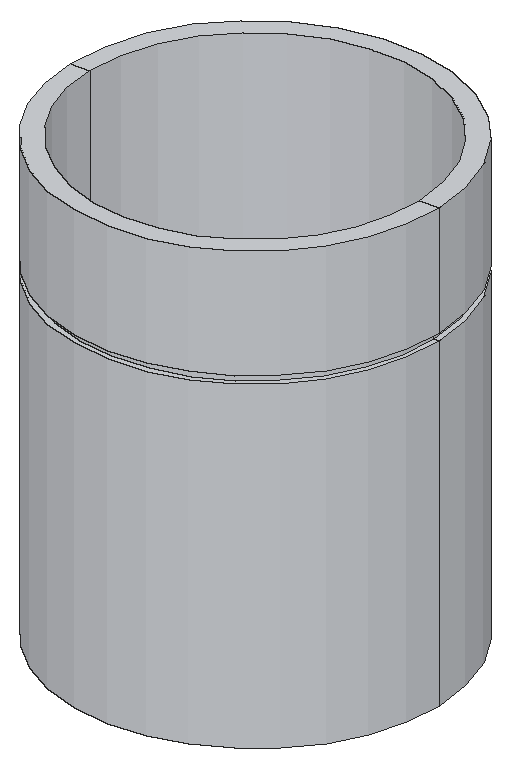
Revit family "MI-850", category Pipe Accessories, Revit 2018
Family settings
  Round Connector Dimension = Use Diameter
  Part Type = Normal
  Work Plane-Based = No
  Always vertical = Yes
  Cut with Voids When Loaded = No
  Shared = No
Parameters (values of type "MI-850-3")
  URL = "WWW.MIFAB.COM"
  Model = "MI-850-3"
  Manufacturer = "MIFAB"
  Description = "CAST IRON NO HUB TO MALE THREADED ADAPTOR"
  B-Body Height = 0' - 3 5/8"
  A-Pipe Size = 0' - 3"
Types (7): name | Model | B-Body Height | A-Pipe Size
  (no name) | "MI-850-3" | 0' - 3 5/8" | 0' - 3"
  MI-850-3 | "MI-850-3" | 0' - 3 5/8" | 0' - 3"
  MI-850-4 | "MI-850-3" | 0' - 3 1/2" | 0' - 4"
  MI-850-6 | "MI-850-6" | 0' - 4 3/8" | 0' - 6"
  MI-850-8 | "MI-850-8" | 0' - 5" | 0' - 8"
  MI-850-10 | "MI-850-10" | 0' - 5" | 0' - 10"
  MI-850-12 | "MI-850-12" | 0' - 7" | 1' - 0"
Reference planes (in)
  plane 1 "Center (Front/Back)": y = 0
  plane 2: z = 0
  plane 3 "Center (Left/Right)": x = 0
  plane 4: x = -1.5
  plane 5: x = 1.5
  plane 6: z = 3.625
  plane 7: z = 1.8125
  plane 8: z = 0.90625
  plane 9: z = 2.71875
Forms (in)
  Revolve 1, solid
    sketch origin (0, 0, 0) x (1, 0, 0) y (0, 0, 1)
      loop
        line (1.5, 3.625) -> (1.34375, 3.625) -> (1.34375, 0) -> (1.5, 0) -> (1.5, 2.65624) -> (1.45363, 2.65624) -> (1.45363, 2.71875) -> (1.5, 2.71875) -> (1.5, 3.625)
      axis (0, 0) -> (0, 3.625)
    angle from 0 to 360
Dimensions and locks (in)
  equal spacing: plane 5, plane 3 "Center (Left/Right)", plane 4
  "A-Pipe Size": plane 5 to plane 4
  "B-Body Height": plane 6 to level
  equal spacing: plane 6, plane 9, plane 7, plane 8, plane 2
  locked: plane 5 to Revolve 1 sketch curve at 0.04637
  locked: plane 9 to Revolve 1 sketch curve at 0.06251
  aligned and locked: level to plane 2
  aligned and locked: plane 5 to Revolve 1 sketch curve
  aligned and locked: Revolve 1 sketch curve to plane 6
  aligned and locked: Revolve 1 sketch curve to level
  aligned and locked: plane 9 to Revolve 1 sketch curve
Automatic sketch dimensions
  Revolve 1 sketch curve to plane 3 "Center (Left/Right)" = 0' - 0"
  plane 5 to Revolve 1 sketch curve = 0' - 0"
  Revolve 1 sketch curve to Revolve 1 sketch curve = 0' - 0 5/32"
  plane 6 to Revolve 1 sketch curve = 0' - 0 1/4"
  Revolve 1 sketch curve to Revolve 1 sketch curve = 0' - 0 3/4"
Connectors (in)
  piping at (0, 0, 3.625), diameter 3, driven by "A-Pipe Size"
    settings: on Revolve 1, index 1, connector inside diameter 609.6 mm, connector length 0' - 0", flow factor 0, pipe flow 0.0 L/s, pressure drop 0.0 Pa, fitting loss kfactor 0, connector angle 0.00°, fixture units 0, engagement length 0' - 0", angle of deflection 0.00°, flow configuration 0, flow direction 0, fitting loss method 0, system type 7, joint type 0, gender type 0, connector reference index -1, connector utility 0, adjustable connector no, is connector primary yes, connector description ""
  piping at (0, 0, 0), diameter 3, driven by "A-Pipe Size"
    settings: on Revolve 1, index 2, connector inside diameter 609.6 mm, connector length 0' - 0", flow factor 0, pipe flow 0.0 L/s, pressure drop 0.0 Pa, fitting loss kfactor 0, connector angle 0.00°, fixture units 0, engagement length 0' - 0", angle of deflection 0.00°, flow configuration 0, flow direction 0, fitting loss method 0, system type 7, joint type 0, gender type 0, connector reference index -1, connector utility 0, adjustable connector no, is connector primary no, connector description ""
